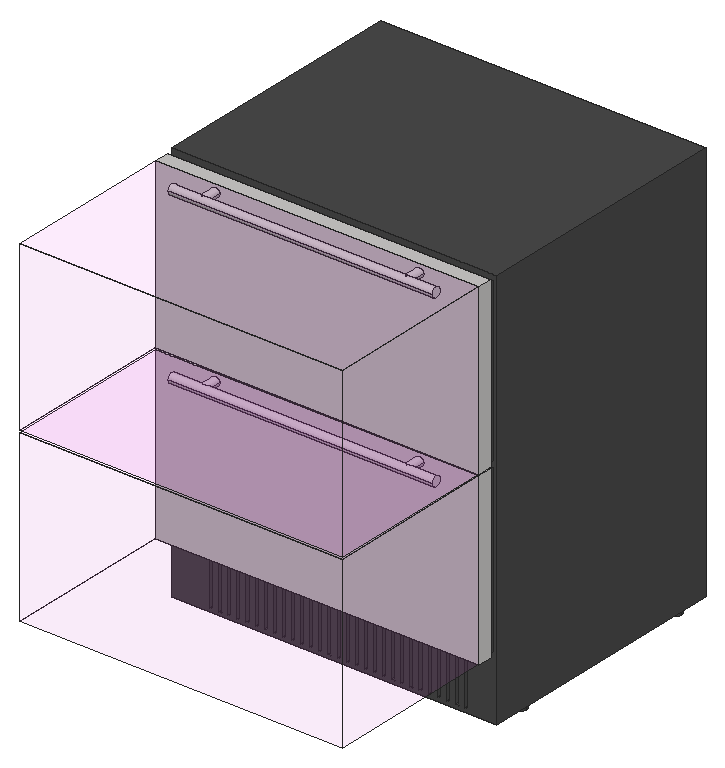
Revit family "Qf_Summit_SPR275OS2D_27 inches Wide 2-Drawer All-Refrigerator", category Specialty Equipment, Revit 2020
Family settings
  Round Connector Dimension = Use Diameter
  Part Type = Normal
  Work Plane-Based = No
  Always vertical = Yes
  Cut with Voids When Loaded = No
  Shared = No
  Room Calculation Point = No
Parameters
  Weight in Pounds = 121
  Watts = 0 W
  Volts = 115 V
  URL Cutsheet = ""
  Specification by User = ""
  Specification by Manufacturer = ""
  Show Clearance [instance] = yes
  Serial Number = ""
  Seismic Rating = ""
  SMACNA No = ""
  Revision Code = ""
  Refrigerant Volume = 0.00 kip
  Refrigerant Type = "R600a"
  Phase = 1
  Number of Poles = 1
  NAFEM Spec ID Number = ""
  Model = "SPR275OS2D"
  Min Ckt Ampacity = 0 A
  Max Overcurrent Protection = 0 A
  Masterspec = ""
  Manufacturer = "Summit"
  Length = 26 3/4"
  Item Number = ""
  Installed By = ""
  Identify Quantity as Lot = yes
  Height = 33 7/8"
  HP = ""
  Furnished By = ""
  Foodservice Equipment Identifier = yes
  FL Amps = 1.25 A
  Electrical Remarks = ""
  Electric Connection Type = ""
  Elec Conn RI Height = 0"
  Elec Conn Connection Height = 0"
  Description = "27\" Wide 2-Drawer All-Refrigerator"
  Depth = 23 1/4"
  Default Elevation = 0"
  Cycle = 60 Hz
  Conn Plug = ""
  Conn Conduit = yes
  CSI MasterFormat = ""
  Apparent Power = if(Phase = 3, Volts * FL Amps * 1.73, Volts * FL Amps)  # 143.75 VA
Reference planes (in)
  plane 1: z = 0
  plane 2 "LEFT": x = 0
  plane 3 "RIGHT": x = 26.75
  plane 4 "FRONT": y = -24
  plane 5 "TOP": z = 33.875
  plane 6 "Center Y": x = 13.375
  plane 7 "Center X": y = -12.375
  plane 8 "BACK": y = -0.75
  plane 9: y = -38
  plane 10: z = 0.75
  plane 11: y = -25.75
  plane 12: y = -22.75
  plane 13: y = -22.25
  plane 14: y = -36.75
  plane 15: z = 5.875
  plane 16: z = 6
  plane 17: z = 19.8125
  plane 18: z = 19.9375
  plane 19: z = 33.75
  plane 20: z = 33.5
Forms (in)
  Extrusion 1, solid, material "QF_Plastic - Black - Matte"
    sketch origin (22.25, -2.96287, 24.25) x (0, 1, 0) y (-1, 0, 0)
      loop
        line (2.21287, 22.25) -> (-19.28713, 22.25) -> (-19.28713, -4.5) -> (2.21287, -4.5) -> (2.21287, 22.25)
    from -23.5 to 9.625
  Extrusion 2, solid, material "QF_Plastic - Black - Matte"
    sketch origin (22.25, -4.33787, 24.25) x (0, 1, 0) y (-1, 0, 0)
      loop
        line (-17.91213, -4.1875) -> (-17.91213, 21.9375) -> (-18.41213, 21.9375) -> (-18.41213, -4.1875) -> (-17.91213, -4.1875)
    from -18.25 to -4.6875
  Extrusion 3, solid, material "QF_Metal_Stainless_Polished"
    sketch origin (23.88, -1.375, 2.4375) x (0, 1, 0) y (0, 0, 1)
      loop
        circle (-24, 16.75) r 0.375
    from -21.38 to 0.37
  Extrusion 4, solid, material "QF_Metal_Stainless_Polished"
    sketch origin (0, -21.86991, 34) x (1, 0, 0) y (0, 0, 1)
      loop
        circle (21.76913, -14.8125) r 0.34572
      loop
        circle (4.98087, -14.8125) r 0.34572
    from 2.13009 to 3.50509
  Revolve 5, solid, material "QF_Plastic - Black - Matte"
    sketch origin (0, -18.49491, 32) x (1, 0, 0) y (0, 0, 1)
      loop
        line (0.4375, -31.25) -> (0.5625, -32) -> (1, -32) -> (1, -31.25) -> (0.4375, -31.25)
      axis (1, -32) -> (1, -31.25)
    angle from 0 to 360
  Revolve 6, solid, material "QF_Plastic - Black - Matte"
    sketch origin (0, -2.49491, 32) x (1, 0, 0) y (0, 0, 1)
      loop
        line (0.4375, -31.25) -> (0.5625, -32) -> (1, -32) -> (1, -31.25) -> (0.4375, -31.25)
      axis (1, -32) -> (1, -31.25)
    angle from 0 to 360
  Extrusion 7, solid
    sketch origin (5.00125, -0.75, 24.25) x (1, 0, 0) y (0, 0, -1)
      loop
        circle (14.53855, 22.75177) r 0.25
    from 0 to 0.21202
  Extrusion 8, solid, material "QF_Metal_Stainless_Polished"
    sketch origin (22.25, -4.33787, 23.40625) x (0, 1, 0) y (-1, 0, 0)
      loop
        line (-18.41213, 22.15625) -> (-19.66213, 22.15625) -> (-19.66213, -4.40625) -> (-18.41213, -4.40625) -> (-18.41213, 22.15625)
    from -17.53125 to -3.59375
  Extrusion 9, solid, material "QF_Clearances_Door_Drawer"
    sketch origin (22.25, -4.33787, 24.25) x (0, 1, 0) y (-1, 0, 0)
      loop
        line (-19.66213, 22.15625) -> (-33.66213, 22.15625) -> (-33.66213, -4.40625) -> (-19.66213, -4.40625) -> (-19.66213, 22.15625)
    from -18.375 to -4.4375
  Extrusion 10, solid, material "QF_Plastic - Black - Matte"
    sketch origin (22.25, -4.33787, 38.1875) x (0, 1, 0) y (-1, 0, 0)
      loop
        line (-17.91213, -4.1875) -> (-17.91213, 21.9375) -> (-18.41213, 21.9375) -> (-18.41213, -4.1875) -> (-17.91213, -4.1875)
    from -18.09376 to -4.8125
  Extrusion 11, solid, material "QF_Metal_Stainless_Polished"
    sketch origin (23.88, -1.375, 16.375) x (0, 1, 0) y (0, 0, 1)
      loop
        circle (-24, 16.75) r 0.375
    from -21.38 to 0.37
  Extrusion 12, solid, material "QF_Metal_Stainless_Polished"
    sketch origin (0, -21.86991, 47.9375) x (1, 0, 0) y (0, 0, 1)
      loop
        circle (21.76913, -14.8125) r 0.34572
      loop
        circle (4.98087, -14.8125) r 0.34572
    from 2.13009 to 3.50509
  Extrusion 13, solid, material "QF_Metal_Stainless_Polished"
    sketch origin (22.25, -4.33787, 37.34375) x (0, 1, 0) y (-1, 0, 0)
      loop
        line (-18.41213, 22.15625) -> (-19.66213, 22.15625) -> (-19.66213, -4.40625) -> (-18.41213, -4.40625) -> (-18.41213, 22.15625)
    from -17.40625 to -3.59375
  Extrusion 14, solid, material "QF_Clearances_Door_Drawer"
    sketch origin (22.25, -4.33787, 38.1875) x (0, 1, 0) y (-1, 0, 0)
      loop
        line (-19.66213, 22.15625) -> (-33.66213, 22.15625) -> (-33.66213, -4.40625) -> (-19.66213, -4.40625) -> (-19.66213, 22.15625)
    from -18.25 to -4.4375
  Revolve 15, solid, material "QF_Plastic - Black - Matte"
    sketch origin (26.75, -18.49491, 32) x (-1, 0, 0) y (0, 0, -1)
      loop
        line (0.4375, 31.25) -> (1, 31.25) -> (1, 32) -> (0.5625, 32) -> (0.4375, 31.25)
      axis (1, 32) -> (1, 31.25)
    angle from 0 to 360
  Revolve 16, solid, material "QF_Plastic - Black - Matte"
    sketch origin (26.75, -2.49491, 32) x (-1, 0, 0) y (0, 0, -1)
      loop
        line (0.4375, 31.25) -> (1, 31.25) -> (1, 32) -> (0.5625, 32) -> (0.4375, 31.25)
      axis (1, 32) -> (1, 31.25)
    angle from 0 to 360
  Extrusion 17, void
    sketch origin (23.375, -22.25, 24.25) x (1, 0, 0) y (0, 0, -1)
      loop
        line (-20.25, 18.6875) -> (-20, 18.6875) -> (-20, 23.1875) -> (-20.25, 23.1875) -> (-20.25, 18.6875)
      loop
        line (-19.5, 18.6875) -> (-19.25, 18.6875) -> (-19.25, 23.1875) -> (-19.5, 23.1875) -> (-19.5, 18.6875)
      loop
        line (-18.75, 18.6875) -> (-18.5, 18.6875) -> (-18.5, 23.1875) -> (-18.75, 23.1875) -> (-18.75, 18.6875)
      loop
        line (-18, 18.6875) -> (-17.75, 18.6875) -> (-17.75, 23.1875) -> (-18, 23.1875) -> (-18, 18.6875)
      loop
        line (-17.25, 18.6875) -> (-17, 18.6875) -> (-17, 23.1875) -> (-17.25, 23.1875) -> (-17.25, 18.6875)
      loop
        line (-16.5, 18.6875) -> (-16.25, 18.6875) -> (-16.25, 23.1875) -> (-16.5, 23.1875) -> (-16.5, 18.6875)
      loop
        line (-15.75, 18.6875) -> (-15.5, 18.6875) -> (-15.5, 23.1875) -> (-15.75, 23.1875) -> (-15.75, 18.6875)
      loop
        line (-15, 18.6875) -> (-14.75, 18.6875) -> (-14.75, 23.1875) -> (-15, 23.1875) -> (-15, 18.6875)
      loop
        line (-14.25, 18.6875) -> (-14, 18.6875) -> (-14, 23.1875) -> (-14.25, 23.1875) -> (-14.25, 18.6875)
      loop
        line (-13.5, 18.6875) -> (-13.25, 18.6875) -> (-13.25, 23.1875) -> (-13.5, 23.1875) -> (-13.5, 18.6875)
      loop
        line (-12.75, 18.6875) -> (-12.5, 18.6875) -> (-12.5, 23.1875) -> (-12.75, 23.1875) -> (-12.75, 18.6875)
      loop
        line (-12, 18.6875) -> (-11.75, 18.6875) -> (-11.75, 23.1875) -> (-12, 23.1875) -> (-12, 18.6875)
      loop
        line (-11.25, 18.6875) -> (-11, 18.6875) -> (-11, 23.1875) -> (-11.25, 23.1875) -> (-11.25, 18.6875)
      loop
        line (-10.5, 18.6875) -> (-10.25, 18.6875) -> (-10.25, 23.1875) -> (-10.5, 23.1875) -> (-10.5, 18.6875)
      loop
        line (-9.75, 18.6875) -> (-9.5, 18.6875) -> (-9.5, 23.1875) -> (-9.75, 23.1875) -> (-9.75, 18.6875)
      loop
        line (-9, 18.6875) -> (-8.75, 18.6875) -> (-8.75, 23.1875) -> (-9, 23.1875) -> (-9, 18.6875)
      loop
        line (-8.25, 18.6875) -> (-8, 18.6875) -> (-8, 23.1875) -> (-8.25, 23.1875) -> (-8.25, 18.6875)
      loop
        line (-7.5, 18.6875) -> (-7.25, 18.6875) -> (-7.25, 23.1875) -> (-7.5, 23.1875) -> (-7.5, 18.6875)
      loop
        line (-6.75, 18.6875) -> (-6.5, 18.6875) -> (-6.5, 23.1875) -> (-6.75, 23.1875) -> (-6.75, 18.6875)
      loop
        line (-6, 18.6875) -> (-5.75, 18.6875) -> (-5.75, 23.1875) -> (-6, 23.1875) -> (-6, 18.6875)
      loop
        line (-5.25, 18.6875) -> (-5, 18.6875) -> (-5, 23.1875) -> (-5.25, 23.1875) -> (-5.25, 18.6875)
      loop
        line (-4.5, 18.6875) -> (-4.25, 18.6875) -> (-4.25, 23.1875) -> (-4.5, 23.1875) -> (-4.5, 18.6875)
      loop
        line (-3.75, 18.6875) -> (-3.5, 18.6875) -> (-3.5, 23.1875) -> (-3.75, 23.1875) -> (-3.75, 18.6875)
      loop
        line (-3, 18.6875) -> (-2.75, 18.6875) -> (-2.75, 23.1875) -> (-3, 23.1875) -> (-3, 18.6875)
      loop
        line (-2.25, 18.6875) -> (-2, 18.6875) -> (-2, 23.1875) -> (-2.25, 23.1875) -> (-2.25, 18.6875)
      loop
        line (-1.5, 18.6875) -> (-1.25, 18.6875) -> (-1.25, 23.1875) -> (-1.5, 23.1875) -> (-1.5, 18.6875)
      loop
        line (-0.75, 18.6875) -> (-0.5, 18.6875) -> (-0.5, 23.1875) -> (-0.75, 23.1875) -> (-0.75, 18.6875)
      loop
        line (0, 18.6875) -> (0.25, 18.6875) -> (0.25, 23.1875) -> (0, 23.1875) -> (0, 18.6875)
      loop
        line (0.75, 18.6875) -> (1, 18.6875) -> (1, 23.1875) -> (0.75, 23.1875) -> (0.75, 18.6875)
    from 0 to 0.33575
Cuts and joins
  Extrusion 17 cuts Extrusion 1
Lines and regions (in)
  symbolic lines
    curve 1: line (0, -0.75, 24.25) -> (0, -22.25, 24.25)
    curve 2: line (0, -22.25, 24.25) -> (26.75, -22.25, 24.25)
    curve 3: line (26.75, -22.25, 24.25) -> (26.75, -0.75, 24.25)
    curve 4: line (26.75, -0.75, 24.25) -> (0, -0.75, 24.25)
    curve 5: line (0.3125, -22.25, 24.25) -> (0.3125, -22.75, 24.25)
    curve 6: line (26.4375, -22.75, 24.25) -> (26.4375, -22.25, 24.25)
    curve 7: line (26.65625, -24, 24.25) -> (26.65625, -22.75, 24.25)
    curve 8: line (26.65625, -22.75, 24.25) -> (0.09375, -22.75, 24.25)
    curve 9: line (0.09375, -22.75, 24.25) -> (0.09375, -24, 24.25)
    curve 10: line (0.09375, -24, 24.25) -> (26.65625, -24, 24.25)
    curve 11: line (24.25, -25, 24.25) -> (2.5, -25, 24.25)
    curve 12: line (24.25, -25.75, 24.25) -> (24.25, -25, 24.25)
    curve 13: line (2.5, -25.75, 24.25) -> (24.25, -25.75, 24.25)
    curve 14: line (2.5, -25, 24.25) -> (2.5, -25.75, 24.25)
    curve 15: line (4.62802, -25, 24.25) -> (4.62802, -24, 24.25)
    curve 16: line (5.31755, -24, 24.25) -> (5.31755, -25, 24.25)
    curve 17: line (22.12198, -25, 24.25) -> (22.12198, -24, 24.25)
    curve 18: line (21.43245, -24, 24.25) -> (21.43245, -25, 24.25)
  symbolic lines, style "QF_Clearances_Door_Drawer"
    curve 19: line (0.09375, -38, 24.25) -> (26.65625, -38, 24.25)
    curve 20: line (0.09375, -24, 24.25) -> (0.09375, -38, 24.25)
    curve 21: line (26.65625, -38, 24.25) -> (26.65625, -24, 24.25)
Dimensions and locks (in)
  equal spacing: plane 2 "LEFT", plane 6 "Center Y", plane 3 "RIGHT"
  "Length": plane 2 "LEFT" to plane 3 "RIGHT"
  equal spacing: plane 4 "FRONT", plane 7 "Center X", plane 8 "BACK"
  "Height": plane 5 "TOP" to level
  plane 3 "RIGHT" to plane 2 "LEFT" = 26 3/4"
  plane 5 "TOP" to level = 33 7/8"  (x2)
  "Depth": plane 4 "FRONT" to plane 8 "BACK"
  plane 8 "BACK" to plane 9 = 37 1/4"
  plane 4 "FRONT" to plane 8 "BACK" = 23 1/4"
  plane 8 "BACK" to plane 13 = 21 1/2"
  locked: plane 4 "FRONT" to plane 11 at 1.75
  plane 13 to plane 4 "FRONT" = 1 3/4"
  plane 14 to plane 13 = 14 1/2"
  plane 5 "TOP" to plane 10 = 33 1/8"
  plane 5 "TOP" to plane 15 to plane 10 to level = 28", 5 1/8", 3/4"
  plane 17 to plane 16 = 13 13/16"
  plane 19 to plane 18 = 13 13/16"
  aligned and locked: level to plane 1
  aligned and locked: Extrusion 8 to Extrusion 9
  aligned and locked: Extrusion 2 to Extrusion 8
  aligned and locked: Extrusion 2 to Extrusion 1
  aligned and locked: Extrusion 14 to Extrusion 9
  aligned and locked: Extrusion 8 to Extrusion 13  (x2)
  aligned and locked: Extrusion 14 to Extrusion 13
  aligned and locked: Extrusion 9 to Extrusion 13
  aligned and locked: Extrusion 13 to Extrusion 14
  aligned and locked: Extrusion 13 to Extrusion 9
  aligned and locked: plane 18 to Extrusion 14
  aligned and locked: plane 18 to Extrusion 13
  aligned and locked: Extrusion 9 to plane 17
  aligned and locked: Extrusion 8 to plane 17
  aligned and locked: Extrusion 14 to plane 19
  aligned and locked: Extrusion 13 to plane 19
Automatic sketch dimensions
  curve 14 to plane 11 = 0"
  plane 4 "FRONT" to curve 16 = 0"
  curve 8 to plane 12 = 0"
  curve 6 to plane 13 = 0"
  curve 4 to plane 2 "LEFT" = 0"
  plane 8 "BACK" to curve 4 = 0"
  curve 3 to plane 3 "RIGHT" = 0"
  plane 11 to curve 11 = 3/4"
  plane 3 "RIGHT" to curve 7 = 3/32"
  plane 3 "RIGHT" to curve 13 = 2 1/2"
  plane 2 "LEFT" to curve 16 = 5.31755"
  curve 16 to curve 15 = 0.68953"
  curve 15 to curve 11 = 2.12802"
  plane 2 "LEFT" to curve 9 = 3/32"
  plane 3 "RIGHT" to curve 6 = 5/16"
  curve 11 to curve 17 = 2.12802"
  curve 17 to curve 18 = 0.68953"
  curve 5 to curve 8 = 7/32"
  Extrusion 1 sketch curve to plane 2 "LEFT" = 0"
  Extrusion 1 sketch curve to plane 13 = 0"
  plane 8 "BACK" to Extrusion 1 sketch curve = 0"
  Extrusion 1 sketch curve to plane 3 "RIGHT" = 0"
  Extrusion 2 sketch curve to plane 12 = 0"
  Extrusion 2 sketch curve to plane 13 = 0"
  plane 3 "RIGHT" to Extrusion 2 sketch curve = 5/16"
  plane 2 "LEFT" to Extrusion 2 sketch curve = 5/16"
  plane 11 to Extrusion 3 sketch curve = 3/8"
  plane 17 to Extrusion 3 sketch curve = 5/8"
  plane 17 to Extrusion 4 sketch curve = 5/8"  (x2)
  plane 2 "LEFT" to Extrusion 4 sketch curve = 4.98087"
  plane 3 "RIGHT" to Extrusion 4 sketch curve = 4.98087"
  Revolve 5 sketch curve to plane 10 = 0"  (x2)
  Revolve 5 sketch curve to level = 0"
  plane 2 "LEFT" to Revolve 5 sketch curve = 7/16"
  plane 2 "LEFT" to Revolve 5 sketch curve = 9/16"
  Revolve 5 sketch curve to Revolve 5 sketch curve = 9/16"
  Revolve 5 sketch curve to Revolve 5 sketch curve = 0"
  Revolve 5 sketch curve to plane 10 = 0.31472"
  Revolve 6 sketch curve to plane 10 = 0"  (x2)
  Revolve 6 sketch curve to level = 0"
  plane 2 "LEFT" to Revolve 6 sketch curve = 7/16"
  plane 2 "LEFT" to Revolve 6 sketch curve = 9/16"
  Revolve 6 sketch curve to Revolve 6 sketch curve = 9/16"
  Revolve 6 sketch curve to Revolve 6 sketch curve = 0"
  Revolve 6 sketch curve to plane 10 = 0.34358"
  Extrusion 1 to Extrusion 7 sketch curve = 0.74823"
  Extrusion 7 sketch curve to Extrusion 1 = 7.2102"
  plane 4 "FRONT" to Extrusion 8 sketch curve = 0"
  Extrusion 8 sketch curve to plane 12 = 0"
  plane 3 "RIGHT" to Extrusion 8 sketch curve = 3/32"
  plane 2 "LEFT" to Extrusion 8 sketch curve = 3/32"
  Extrusion 9 sketch curve to plane 9 = 0"
  plane 4 "FRONT" to Extrusion 9 sketch curve = 0"
  plane 3 "RIGHT" to Extrusion 9 sketch curve = 3/32"
  plane 2 "LEFT" to Extrusion 9 sketch curve = 3/32"
  Extrusion 10 sketch curve to plane 12 = 0"
  Extrusion 10 sketch curve to plane 13 = 0"
  plane 3 "RIGHT" to Extrusion 10 sketch curve = 5/16"
  plane 2 "LEFT" to Extrusion 10 sketch curve = 5/16"
  plane 11 to Extrusion 11 sketch curve = 3/8"
  plane 20 to Extrusion 11 sketch curve = 3/8"
  plane 20 to Extrusion 12 sketch curve = 3/8"  (x2)
  plane 2 "LEFT" to Extrusion 12 sketch curve = 4.98087"
  plane 3 "RIGHT" to Extrusion 12 sketch curve = 4.98087"
  plane 4 "FRONT" to Extrusion 13 sketch curve = 0"
  Extrusion 13 sketch curve to plane 12 = 0"
  plane 3 "RIGHT" to Extrusion 13 sketch curve = 3/32"
  plane 2 "LEFT" to Extrusion 13 sketch curve = 3/32"
  Extrusion 14 sketch curve to plane 9 = 0"
  plane 4 "FRONT" to Extrusion 14 sketch curve = 0"
  plane 3 "RIGHT" to Extrusion 14 sketch curve = 3/32"
  plane 2 "LEFT" to Extrusion 14 sketch curve = 3/32"
  Revolve 15 sketch curve to plane 10 = 0"  (x2)
  Revolve 15 sketch curve to level = 0"
  plane 3 "RIGHT" to Revolve 15 sketch curve = 7/16"
  plane 3 "RIGHT" to Revolve 15 sketch curve = 9/16"
  Revolve 15 sketch curve to Revolve 15 sketch curve = 9/16"
  Revolve 15 sketch curve to Revolve 15 sketch curve = 0"
  Revolve 15 sketch curve to Revolve 15 sketch curve = 0.31472"
  Revolve 16 sketch curve to plane 10 = 0"  (x2)
  Revolve 16 sketch curve to level = 0"
  plane 3 "RIGHT" to Revolve 16 sketch curve = 7/16"
  plane 3 "RIGHT" to Revolve 16 sketch curve = 9/16"
  Revolve 16 sketch curve to Revolve 16 sketch curve = 9/16"
  Revolve 16 sketch curve to Revolve 16 sketch curve = 0"
  Revolve 16 sketch curve to plane 10 = 0.34358"
  Extrusion 17 sketch curve to Extrusion 1 = 5/16"  (x29)
  Extrusion 17 sketch curve to Extrusion 1 = 3 1/8"
  Extrusion 17 sketch curve to Extrusion 17 sketch curve = 1/4"  (x29)
  Extrusion 17 sketch curve to Extrusion 17 sketch curve = 1/2"  (x28)
  Extrusion 17 sketch curve to Extrusion 17 sketch curve = 4 1/2"  (x2)
  Extrusion 17 sketch curve to Extrusion 17 sketch curve = 0"  (x27)
  curve 19 to plane 9 = 0"
  radius of Extrusion 3 sketch curve = 3/8"
  radius of Extrusion 4 sketch curve = 0.34572"  (x2)
  radius of Extrusion 7 sketch curve = 1/4"
  radius of Extrusion 11 sketch curve = 3/8"
  radius of Extrusion 12 sketch curve = 0.34572"  (x2)
Connectors (in)
  electrical at (19.5398, -0.53798, 1.49823), driven by "Volts", driven by "Apparent Power"
    settings: on Extrusion 7, index 4, voltage 115 V, apparent load 143.75 VA, apparent load phase1 0 VA, apparent load phase2 0 VA, apparent load phase3 0 VA, power factor 1, load classification "Other", number of poles 1, system type 30, power factor state 1, is connector primary yes, connector utility no, sub classification motor no, connector description ""
